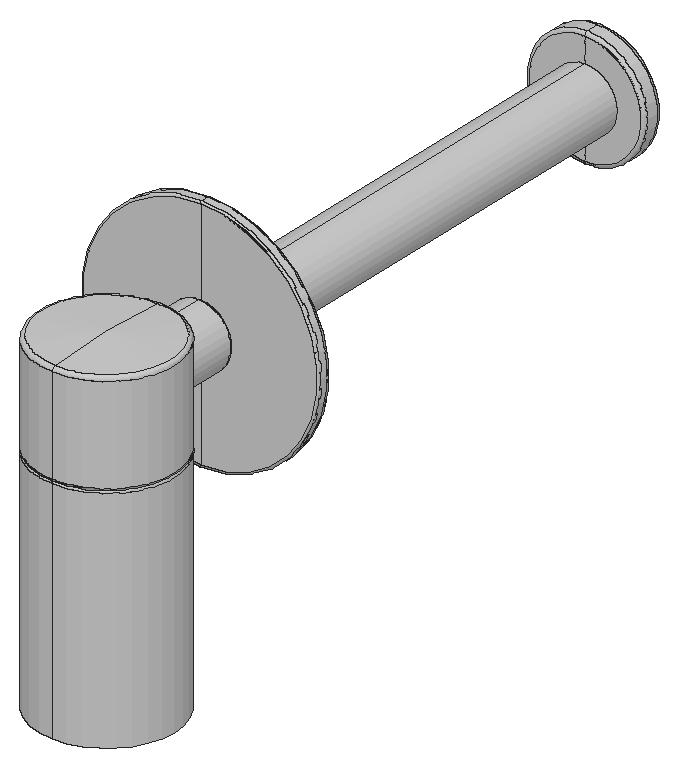
Revit family "Bathroom_Accessory-Commercial-Moen-Align-Single_Post_Paper_Holder-YB0409CH", category Specialty Equipment, host Face, Revit 2015
Parameters (values of type "YB0409CH")
  Width = 0' - 2 23/64"  # constant formula
  URL = "http://pro.moen.com/"
  Product data url = "https://bimobject.com/moenaccessories/product/moen-2012"
  Product Page URL = "http://pro.moen.com/align/chrome-paper-holder/_/R-TPORTAL-ALL%3AYB0409CH?next=SiteSearch.Image"
  Product Documentation Link = "http://pro.moen.com/shared/docs/product-specifications/yb0409sp.pdf"
  Model = "YB0409CH"  # constant formula
  Material = ""
  Manufacturer = "Moen Commercial"  # constant formula
  Length = 0' - 6 101/128"  # constant formula
  Finish = Metal - Moen - Chrome
  Description = "Chrome Paper Holder"  # constant formula
  Depth = 0' - 3 241/256"  # constant formula
  Default Elevation = 4' - 0"
  Assembly Code = "D2010"
Reference planes (in)
  plane 1 "Center (Front/Back)": y = 0
  plane 2: z = 0
  plane 3 "Center (Left/Right)": x = 0
  plane 4 "Bottom": y = -0.66992
  plane 5 "Top": y = 6.11914
  plane 6 "Left": x = -1.17969
  plane 7 "Right": x = 1.17969
  plane 8 "Reference": z = 3.94141
  plane 9: y = 0.66992
  plane 10: x = 0.66992
  plane 11: x = -0.66992
  plane 12: y = 5.9181
  plane 13: x = 0.31223
  plane 14: x = -0.31223
  plane 15: y = 1.27799
  plane 16: y = 1.16003
  plane 17: z = 3.32672
  plane 18: z = 1.60533
  plane 19: z = 2.78406
  plane 20 "Front": z = 3.96279
Forms (in)
  Revolve 1, solid, material "Metal - Moen - Chrome" <- "Finish"
    sketch origin (0, 0, 0) x (0, 1, 0) y (0, 0, 1)
      loop
        line (-0.66992, 3.25264) -> (-0.66992, 2.30059)
        arc (-0.66992, 2.30059) -> (-0.66411, 2.28655) -> (-0.65006, 2.28073) r 0.01986
        arc (-0.65006, 2.28073) -> (-0.66411, 2.27491) -> (-0.66992, 2.26087) r 0.01986
        line (-0.66992, 2.26087) -> (-0.66992, 0) -> (0, 0) -> (0, 3.32672)
        spline (0, 3.32672) -> (-0.05268, 3.32645) -> (-0.10536, 3.32569) -> (-0.15804, 3.32444) -> (-0.21072, 3.3227) -> (-0.2634, 3.32047) -> (-0.31607, 3.31775) -> (-0.36875, 3.31454) -> (-0.42142, 3.31085) -> (-0.47409, 3.30666) -> (-0.52676, 3.30199) -> (-0.57943, 3.29682) -> (-0.6321, 3.29117)
        arc (-0.6321, 3.29117) -> (-0.65889, 3.27963) -> (-0.66992, 3.25264) r 0.03853
      axis (0, 3.32672) -> (0, 0)
    angle from 0 to 360
  Revolve 2, solid, material "Metal - Moen - Chrome" <- "Finish"
    sketch origin (0, 0, 0) x (0, 1, 0) y (0, 0, 1)
      loop
        line (1.14021, 3.09865) -> (0, 3.09865) -> (0, 2.78406) -> (6.11471, 2.78406) -> (6.11471, 3.33678)
        arc (6.11471, 3.33678) -> (6.10405, 3.36251) -> (6.07832, 3.37317) r 0.03639
        line (6.07832, 3.37317) -> (5.95119, 3.37317)
        arc (5.95119, 3.37317) -> (5.92779, 3.36348) -> (5.9181, 3.34008) r 0.03309
        line (5.9181, 3.34008) -> (5.9181, 3.09629) -> (1.27799, 3.09629) -> (1.27799, 3.9429)
        arc (1.27799, 3.9429) -> (1.27217, 3.95697) -> (1.25811, 3.96279) r 0.01989
        line (1.25811, 3.96279) -> (1.17985, 3.96279)
        arc (1.17985, 3.96279) -> (1.16583, 3.95699) -> (1.16003, 3.94297) r 0.01983
        line (1.16003, 3.94297) -> (1.16003, 3.07883)
        arc (1.16003, 3.07883) -> (1.15422, 3.09284) -> (1.14021, 3.09865) r 0.01982
      axis (6.11471, 2.78406) -> (0, 2.78406)
    angle from 0 to 360
Cuts and joins
  joined: Revolve 1, Revolve 2
Lines and regions (in)
  Masking region 1
    outline origin (0, 0, 0) x (1, 0, 0) y (0, 0, 1)
      loop
        arc (0.66992, 1.81421) -> (0, 3.96279) -> (-0.66992, 1.81421) r 1.17873
        line (-0.66992, 1.81421) -> (-0.66992, 0) -> (0.66992, 0) -> (0.66992, 1.81421)
  symbolic lines, detail levels medium+fine
    curve 1: arc (-0.66992, 0, 1.81421) -> (0, 0, 1.60533) -> (0.66992, 0, 1.81421) r 1.17873
    curve 2: circle (0, 0, 2.78406) r 0.59392 normal (0, -1, 0)
Dimensions and locks (in)
  locked: plane 8 "Reference" to level at 3.94141
  locked: plane 6 "Left" to plane 7 "Right" at 2.35938
  plane 6 "Left" to plane 7 "Right" = 0' - 2 23/64"
  locked: plane 6 "Left" to plane 11 at 0.50977
  locked: plane 10 to plane 7 "Right" at 0.50977
  plane 4 "Bottom" to plane 9 = 0' - 1 87/256"
  Revolve 2 sketch curve to Revolve 2 sketch curve to Revolve 2 sketch curve to Revolve 2 sketch curve to Revolve 2 sketch curve to Revolve 2 sketch curve to Revolve 2 sketch curve to Revolve 2 sketch curve to Revolve 2 sketch curve to Revolve 2 sketch curve to Revolve 2 sketch curve to level = 0' - 0" locked, 0' - 0.01983" locked, 0' - 0.00006" locked, 0' - 0.56973" locked, 0' - 0" locked, 0' - 0.03309" locked, 0' - 0.0033" locked, 0' - 0.24049" locked, 0' - 0.01746" locked, 0' - 0.29477" locked, 0' - 2.78406" locked
  Revolve 2 sketch curve to Revolve 2 sketch curve to Revolve 2 sketch curve to Revolve 2 sketch curve to Revolve 2 sketch curve to Revolve 2 sketch curve to Revolve 2 sketch curve to Revolve 2 sketch curve to Revolve 2 sketch curve to plane 1 "Center (Front/Back)" = 0' - 0.03639" locked, 0' - 0.12713" locked, 0' - 0.03309" locked, 0' - 4.6401" locked, 0' - 0.01989" locked, 0' - 0.07825" locked, 0' - 0.01983" locked, 0' - 0.01982" locked, 0' - 1.14021" locked
  plane 1 "Center (Front/Back)" to Revolve 1 sketch curve to Revolve 1 sketch curve to Revolve 1 sketch curve to Revolve 1 sketch curve = 0' - 0.6321" locked, 0' - 0.01796" locked, 0' - 0.01986" locked, 0' - 0" locked
  Revolve 1 sketch curve to Revolve 1 sketch curve to Revolve 1 sketch curve to Revolve 1 sketch curve to Revolve 1 sketch curve to Revolve 1 sketch curve to level = 0' - 0.03554" locked, 0' - 0.03853" locked, 0' - 0.95205" locked, 0' - 0.01986" locked, 0' - 0.01986" locked, 0' - 2.26087" locked
  locked: plane 5 "Top" to plane 4 "Bottom" at 6.78906
  aligned and locked: plane 2 to host face
  aligned and locked: level to host face
  aligned and locked: plane 19 to Revolve 2 sketch curve
  aligned and locked: plane 1 "Center (Front/Back)" to Revolve 1 sketch curve
  aligned and locked: Revolve 1 sketch curve to plane 3 "Center (Left/Right)"
  aligned and locked: Revolve 2 sketch curve to plane 3 "Center (Left/Right)"
